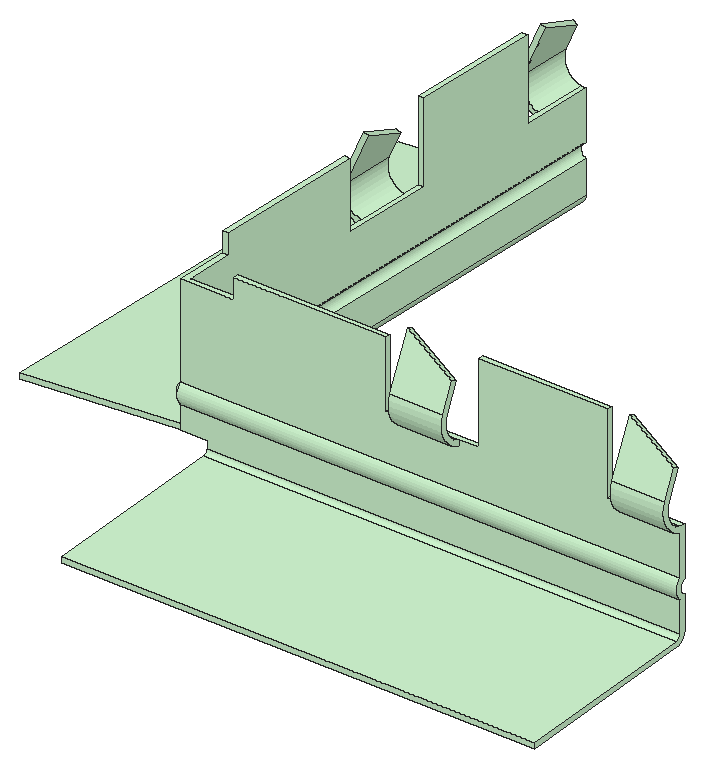
Revit family "axll_joint_out", category 機械設備, Revit 2022
Family settings
  丸型コネクタ寸法 = 直径を使用
  種別 = なし
  パーツ タイプ = 標準
  作業面ベース = いいえ
  常に垂直 = はい
  ロード時にボイドで切り取り = いいえ
  注釈の向きを維持 = いいえ
  共有 = いいえ
  部屋計算ポイント = いいえ
Parameters
  製造元 = "株式会社桐井製作所"
  既定の高さ = 0 mm
  URL = "https://www.kirii.co.jp/"
  K_材質 = "溶融亜鉛めっき鋼板及び鋼帯 SGCC 一般用"
  K_品名 = "AXLL-出隅ジョイント"
  K_名称 = "AXLLジョイント"
  K_入数 = "200"
  K_バージョン情報 = "20220915"
  K_めっき付着量 = "Z12"
  K_JIS規格 = "JIS G 3302"
Reference planes
  plane 1 "中心(正面/背面)": y = 0
  plane 2: z = 0
  plane 3 "中心(左/右)": x = 0
Forms (mm)
  Extrusion 1, solid
    sketch origin (0, 4.1, 0) x (1, 0, 0) y (0, 0, 1)
      loop
        line (-0.8, 29.996) -> (-0.8, 11)
        arc (-0.8, 11) -> (-1.5, 9.5) -> (-0.8, 8) r 1.957
        line (-0.8, 8) -> (-0.8, 3.394)
        arc (-0.8, 3.394) -> (-0.988, 2.917) -> (-1.451, 2.695) r 0.7
        line (-1.451, 2.695) -> (-28.3, 0.798) -> (-28.3, -0.004) -> (-1.394, 1.897)
        arc (-1.394, 1.897) -> (-0.403, 2.371) -> (0, 3.394) r 1.5
        line (0, 3.394) -> (0, 8.437)
        arc (0, 8.437) -> (-0.7, 9.5) -> (0, 10.563) r 1.157
        line (0, 10.563) -> (0, 29.996) -> (-0.8, 29.996)
    from -71.4 to 4.1
  Extrusion 2, void
    sketch origin (-0.8, 4.1, 0) x (0, 1, 0) y (0, 0, -1)
      loop
        line (40.9, -17.996) -> (26.9, -17.996) -> (26.9, -27.996) -> (3.9, -27.996) -> (3.9, -24.996) -> (-4.1, -24.996) -> (-4.1, -29.996) -> (40.9, -29.996) -> (40.9, -17.996)
    from -0.8 to 0
  Extrusion 3, solid
    sketch origin (0, 0, 0) x (0, -1, 0) y (0, 0, -1)
      loop
        arc (0, -3.394) -> (0.188, -2.917) -> (0.651, -2.695) r 0.7
        line (0.651, -2.695) -> (27.5, -0.798) -> (27.5, 0.004) -> (0.594, -1.897)
        arc (0.594, -1.897) -> (-0.397, -2.371) -> (-0.8, -3.394) r 1.5
        line (-0.8, -3.394) -> (-0.8, -8.437)
        arc (-0.8, -8.437) -> (-0.1, -9.5) -> (-0.8, -10.563) r 1.157
        line (-0.8, -10.563) -> (-0.8, -30) -> (0, -30) -> (0, -11)
        arc (0, -11) -> (0.7, -9.5) -> (0, -8) r 1.957
        line (0, -8) -> (0, -3.394)
    from -0.8 to 74.7
  Extrusion 4, void
    sketch origin (23.5, 0, 0) x (1, 0, 0) y (0, 0, -1)
      loop
        line (51.2, -17.996) -> (40.2, -17.996) -> (40.2, -30) -> (51.2, -30) -> (51.2, -17.996)
    from 0 to 0.8
  Extrusion 5, void
    sketch origin (0, 0.8, 0) x (1, 0, 0) y (0, 0, -1)
      loop
        line (44.2, -17.996) -> (30.2, -17.996) -> (30.2, -27.996) -> (7.2, -27.996) -> (7.2, -24.996) -> (-0.8, -24.996) -> (-0.8, -29.996) -> (44.2, -29.996) -> (44.2, -17.996)
    from -0.8 to 0
  Extrusion 6, void
    sketch origin (0, 4.5, 0) x (1, 0, 0) y (0, 1, 0)
      loop
        line (3.2, -0.5) -> (-0.8, -0.5) -> (-0.8, -32) -> (3.2, -32) -> (3.2, -0.5)
    from 0 to 4.496
  Extrusion 7, void
    sketch origin (-0.8, 0.8, 0) x (0, 1, 0) y (0, 0, -1)
      loop
        line (75.2, -17.996) -> (63.7, -17.996) -> (63.7, -29.996) -> (75.2, -29.996) -> (75.2, -17.996)
    from -0.8 to 0
  Extrusion 8, void
    sketch origin (3.525, 3.7, 0) x (0, -1, 0) y (1, 0, 0)
      loop
        line (3.7, -0.325) -> (-0.3, -0.325) -> (-0.3, -31.825) -> (3.7, -31.825) -> (3.7, -0.325)
    from 0 to 4.496
  Extrusion 9, solid
    sketch origin (109.772, 0, -1.825) x (0, 1, 0) y (0, 0, 1)
      loop
        line (1.144, 31.605) -> (0.413, 31.93) -> (-2.915, 24.402)
        arc (-2.915, 24.402) -> (-2.72, 21.019) -> (0, 19) r 4
        line (0, 19) -> (0, 19.821)
        arc (0, 19.821) -> (-2.047, 21.458) -> (-2.199, 24.083) r 3.2
        line (-2.199, 24.083) -> (1.144, 31.605)
    from -76.6 to -68.6
  Extrusion 10, void
    sketch origin (-34.028, -12.585, 0.864) x (1, 0, 0) y (0, 0.406186, 0.913791)
      loop
        line (75.2, 28) -> (75.2, 32) -> (67.2, 32) -> (75.2, 28)
    from -0.8 to 0
  Extrusion 11, solid
    sketch origin (143.3, 0, -1.825) x (0, 1, 0) y (0, 0, 1)
      loop
        line (1.144, 31.605) -> (0.413, 31.93) -> (-2.915, 24.402)
        arc (-2.915, 24.402) -> (-2.72, 21.019) -> (0, 19) r 4
        line (0, 19) -> (0, 19.821)
        arc (0, 19.821) -> (-2.047, 21.458) -> (-2.199, 24.083) r 3.2
        line (-2.199, 24.083) -> (1.144, 31.605)
    from -76.6 to -68.6
  Extrusion 12, void
    sketch origin (-0.5, -12.585, 0.864) x (1, 0, 0) y (0, 0.406186, 0.913791)
      loop
        line (75.2, 28) -> (75.2, 32) -> (67.2, 32) -> (75.2, 28)
    from -0.8 to 0
  Extrusion 13, solid
    sketch origin (-0.8, -1.1, -1.825) x (1, 0, 0) y (0, 0, 1)
      loop
        line (1.144, 31.605) -> (0.413, 31.93) -> (-2.915, 24.402)
        arc (-2.915, 24.402) -> (-2.72, 21.019) -> (0, 19) r 4
        line (0, 19) -> (0, 19.821)
        arc (0, 19.821) -> (-2.047, 21.458) -> (-2.199, 24.083) r 3.2
        line (-2.199, 24.083) -> (1.144, 31.605)
    from -76.6 to -68.6
  Extrusion 14, void
    sketch origin (-13.385, 0.3, 0.864) x (0, 1, 0) y (-0.406186, 0, -0.913791)
      loop
        line (75.2, -28) -> (67.2, -32) -> (75.2, -32) -> (75.2, -28)
    from -0.8 to 0
  Extrusion 15, solid
    sketch origin (-0.8, -34.517, -1.825) x (1, 0, 0) y (0, 0, 1)
      loop
        line (1.144, 31.605) -> (0.413, 31.93) -> (-2.915, 24.402)
        arc (-2.915, 24.402) -> (-2.72, 21.019) -> (0, 19) r 4
        line (0, 19) -> (0, 19.821)
        arc (0, 19.821) -> (-2.047, 21.458) -> (-2.199, 24.083) r 3.2
        line (-2.199, 24.083) -> (1.144, 31.605)
    from -76.6 to -68.6
  Extrusion 16, void
    sketch origin (-13.385, -33.117, 0.864) x (0, 1, 0) y (-0.406186, 0, -0.913791)
      loop
        line (75.2, -28) -> (67.2, -32) -> (75.2, -32) -> (75.2, -28)
    from -0.8 to 0
Cuts and joins
  Extrusion 2, Extrusion 7, Extrusion 8 cuts Extrusion 1
  Extrusion 4, Extrusion 5, Extrusion 6, Extrusion 8, Extrusion 10 cuts Extrusion 3
  Extrusion 10 cuts Extrusion 9
  Extrusion 12 cuts Extrusion 11
  Extrusion 14 cuts Extrusion 13
  Extrusion 16 cuts Extrusion 15
  joined: Extrusion 1, Extrusion 3, Extrusion 9, Extrusion 11, Extrusion 13, Extrusion 15
Dimensions and locks
  aligned and locked: level to plane 2
